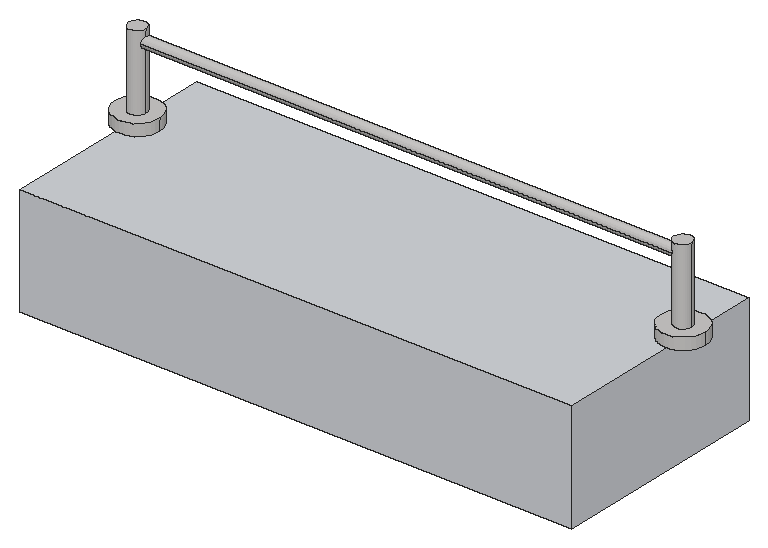
Revit family
Parameters (values of type "24in Length")
  Warranty Duration (Years) = 0
  Unit Length = 2' - 0"
  Unit Height = 0' - 1 15/16"
  Unit Depth = 0' - 3 3/4"
  URL = "http://www.bobrick.com/Pages/default.aspx"
  Test Data = ""
  Standards Conformance = "as Specified"
  Specification = ""
  SpecWizard = ""
  Send Message = "http://www.arcat.com/users.pl?action=UserEmail&company=Bobrick+Washroom+Equipment,+Inc.&coid=30988&rep=156&fax=818-503-1930&mf="
  Sales Information = "http://www.bobrick.com/Pages/ContactUs.aspx"
  Revision = "R1_2014-10"
  Region Restriction = "None"
  Product Properties = ""
  Product Data = "http://arcat.com/arcatcos/cos30/arc30988.html"
  Mounting Height [instance] = 3' - 11 9/32"
  Model = "B-545 x 24"
  Manufacturer Website = "http://www.bobrick.com/Pages/default.aspx"
  Manufacturer Phone - Toll Free = ""
  Manufacturer Phone = "818-764-1000"
  Manufacturer Fax = "818-503-1930"
  Manufacturer Address = "11611 Hart St. North Hollywood, CA 91605-5882"
  Manufacturer = "Bobrick Washroom Equipment, Inc."
  Maintenance Schedule (Months) = 0
  Keynote = "102813"
  Installation-Fabrication = "http://www.bobrick.com/washroomaccessories/Pages/WashroomAccessories.aspx"
  Installation Phase = ""
  Green Building-LEED = ""
  Finish Material = Stainless Steel - Bobrick - Satin
  Expected Lifespan (Years) = 0
  Drawn By = "Sumex Design, Inc. / Robert S. Weygant, CSI, CDT, SCIP"
  Description = "Bobrick Surface Mounted Towel Bar - Cubicle Collection B545 x 24"
  Default Elevation = 0' - 0"
  Copyright = "©Arcat Inc."
  Construction Details = ""
  Capacity = "as Specified"
  CL to CL = 1' - 11 5/8"
  Building Codes = ""
  Assembly Code = "E1090900"
  Accent Finish [instance] = Paint - Bobrick - Black
Types (2): name | Unit Length | Model | Description | CL to CL
  24in Length | 2' - 0" | "B-545 x 24" | "Bobrick Surface Mounted Towel Bar - Cubicle Collection B545 x 24" | 1' - 11 5/8"
  18in Length | 1' - 6" | "B-545 x 18" | "Bobrick Surface Mounted Towel Bar - Cubicle Collection B545 x 18" | 1' - 5 5/8"
Reference planes (in)
  plane 1 "ADA Mount Line": y = 2.38705
  plane 2: z = 0
  plane 3 "Center (Left/Right)": x = 0
  plane 4: x = -11.8125
  plane 5: x = 11.8125
  plane 6 "FF": y = -44.8942
  plane 7: y = 1.4183
  plane 8: y = 3.3558
Forms (in)
  Extrusion 1, solid
    sketch origin (0, 0, 0) x (1, 0, 0) y (0, 1, 0)
      loop
        line (-12, 5.81801) -> (-12, -3.72701) -> (11.89833, -3.72701) -> (11.89833, 5.81801) -> (-12, 5.81801)
    from 0 to -4.74202
  Extrusion 2, solid, material "Stainless Steel - Bobrick - Satin" <- "Finish Material"
    sketch origin (0, 0, 0) x (1, 0, 0) y (0, 1, 0)
      loop
        circle (-11.8125, 2.38705) r 0.96875
      loop
        circle (11.8125, 2.38705) r 0.96875
    from 0 to 0.5
  Extrusion 3, solid, material "Stainless Steel - Bobrick - Satin" <- "Finish Material"
    sketch origin (0, 0, 0) x (1, 0, 0) y (0, 1, 0)
      loop
        circle (-11.8125, 2.38705) r 0.375
      loop
        circle (11.8125, 2.38705) r 0.375
    from 0 to 3.75
  Extrusion 4, solid, material "Stainless Steel - Bobrick - Satin" <- "Finish Material"
    sketch origin (0, 0, 0) x (0, 1, 0) y (0, 0, 1)
      loop
        circle (2.38705, 3.25) r 0.23438
    from -11.8125 to 11.8125
Cuts and joins
  joined: Extrusion 2, Extrusion 3, Extrusion 4
Dimensions and locks (in)
  equal spacing: plane 4, plane 3 "Center (Left/Right)", plane 5
  "CL to CL": plane 4 to plane 5
  "Mounting Height": plane 1 "ADA Mount Line" to plane 6 "FF"
  equal spacing: plane 8, plane 1 "ADA Mount Line", plane 7
  "Unit Height": plane 8 to plane 7
  aligned and locked: plane 2 to Extrusion 1
  aligned and locked: level to Extrusion 1
  aligned and locked: Extrusion 4 to plane 4
  aligned and locked: plane 5 to Extrusion 4
Automatic sketch dimensions
  Extrusion 1 sketch curve to Extrusion 1 sketch curve = 1' - 11.89833"
  Extrusion 1 sketch curve to Extrusion 1 sketch curve = 0' - 9.54502"
  plane 1 "ADA Mount Line" to Extrusion 2 sketch curve = 0' - 0"  (x2)
  Extrusion 2 sketch curve to plane 4 = 0' - 0"
  Extrusion 2 sketch curve to plane 5 = 0' - 0"
  plane 1 "ADA Mount Line" to Extrusion 3 sketch curve = 0' - 0"  (x2)
  Extrusion 3 sketch curve to plane 4 = 0' - 0"
  Extrusion 3 sketch curve to plane 5 = 0' - 0"
  Extrusion 4 sketch curve to plane 1 "ADA Mount Line" = 0' - 0"
  level to Extrusion 4 sketch curve = 0' - 3 1/4"
  radius of Extrusion 2 sketch curve = 0' - 0 31/32"  (x2)
  radius of Extrusion 3 sketch curve = 0' - 0 3/8"  (x2)
  radius of Extrusion 4 sketch curve = 0' - 0 15/64"
